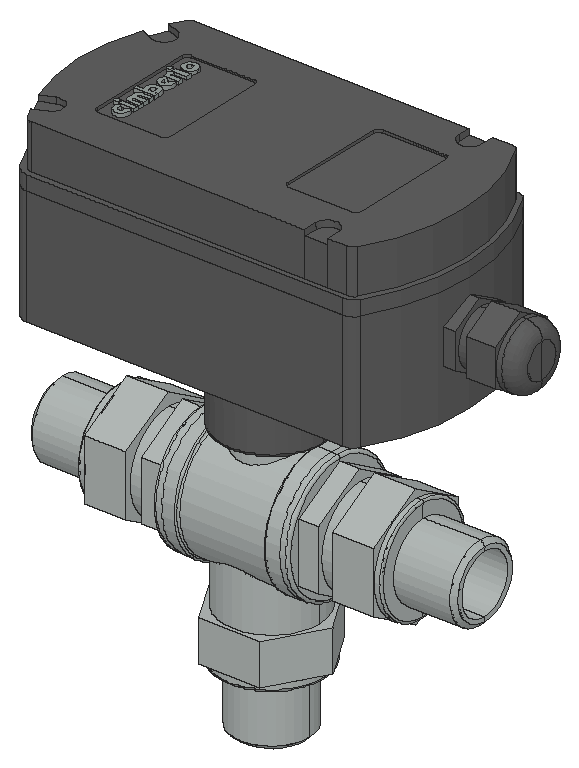
Revit family "QD32640000", category Apparecchi idraulici, Revit 2020
Family settings
  Quota connettore circolare = Usa diametro
  Tipo di parte = Normale
  Numero OmniClass = 23.45.00.00
  Titolo OmniClass = Sanitary, Laundry, and Cleaning Equipment
  Basato su piano di lavoro = No
  Sempre verticale = Sì
  Taglio con vuoti quando caricato = No
  Condiviso = No
  Punto di calcolo locali = No
Parameters
  URL = "https://web.cimberio.it/index.php/figura/620?subcategoria_id=74926"
  Temperatura di esercizio = "-20 ÷ 150°C"
  Prospetto di default = 0 mm
  Produttore = "CIMBERIO SPA"
  Pressione nominale = "PN 40"
  Modello = "Cim 708RE"
  Materiale = "Prodotto in lega di ottone conforme alla norma EN 12165-CW617N-DW"
  Descrizione = "Utilizzato nei più svariati settori dell'impiantistica: impianti di riscaldamento, condizionamento, idrici, igienico-sanitari, aria compressa e in generale con ogni fluido non corrosivo.\r\nParticolarmente indicato come valvola di zona per la regolazione e contabilizzazione di impianti di riscaldamento singoli o a zone, impianti con utilizzazione di energie alternative, impianti con fluidi caldi o freddi e impianti di automazione in genere."
  DN Model [instance] = QD32641020 : QD32641020
  DN [instance] = 20 mm
  Commenti sul tipo = "Realizzato in ottemperanza ai requisiti gestionali della norma EN ISO 9001.\r\nCollaudato al 100% secondo la normativa EN 12266-1."
Reference planes
  plane 1 "Centro (Fronte/Retro)": y = 0
  plane 2: z = 0
  plane 3 "Centro (Sinistra/Destra)": x = 0
Dimensions and locks
  aligned and locked: level to plane 2
Nested families
  nested 1: "QD32641020" at (0, 0, 0), type <- "DN Model", type "QD32641020"
  nested 2: "QD32641020" at (0, 0, 0), type <- "DN Model", type "QD32641020"
  nested 3: "QD32641020" at (0, 0, 0), type <- "DN Model", type "QD32641020"
  nested 4: "QD32641020" at (0, 0, 0), type <- "DN Model", type "QD32641020"
  nested 5: "QD32641020" at (0, 0, 0), type <- "DN Model", type "QD32641020"
  nested 6: "QD32641020" at (0, 0, 0), type <- "DN Model", type "QD32641020"
Connectors
  piping at (-72.6, 0, 0), diameter 20, driven by "DN"
    settings: on nested 1, index 1, connector inside diameter 609.6 mm, connector length 0 mm, flow factor 0, pipe flow 0.0 L/s, pressure drop 0.0 Pa, fitting loss kfactor 0, connector angle 0.00°, fixture units 0, engagement length 0 mm, angle of deflection 0.00°, flow configuration 0, flow direction 0, fitting loss method 0, system type 7, joint type 0, gender type 0, connector reference index -1, connector utility 0, adjustable connector no, is connector primary yes, connector description ""
  piping at (72.6, 0, 0), diameter 20, driven by "DN"
    settings: on nested 1, index 2, connector inside diameter 609.6 mm, connector length 0 mm, flow factor 0, pipe flow 0.0 L/s, pressure drop 0.0 Pa, fitting loss kfactor 0, connector angle 0.00°, fixture units 0, engagement length 0 mm, angle of deflection 0.00°, flow configuration 0, flow direction 0, fitting loss method 0, system type 7, joint type 0, gender type 0, connector reference index -1, connector utility 0, adjustable connector no, is connector primary no, connector description ""
  piping at (0, 0, -69.2), diameter 20, driven by "DN"
    settings: on nested 1, index 3, connector inside diameter 609.6 mm, connector length 0 mm, flow factor 0, pipe flow 0.0 L/s, pressure drop 0.0 Pa, fitting loss kfactor 0, connector angle 0.00°, fixture units 0, engagement length 0 mm, angle of deflection 0.00°, flow configuration 0, flow direction 0, fitting loss method 0, system type 7, joint type 0, gender type 0, connector reference index -1, connector utility 0, adjustable connector no, is connector primary no, connector description ""
Definition of nested family "QD32641020"
  Parameters (values of type "QD32641020")
    URL = "https://web.cimberio.it/index.php/figura/394?subcategoria_id="
    Temperatura di esercizio = "-10 ÷ 95°C"
    Default Elevation = 0 mm
    Manufacturer = "CIMBERIO SPA"
    Pressione nominale = "PN 16"
    Model = "Cim 32"
    Materiale = "Prodotto in lega di ottone conforme alla norma EN 12165-CW617N-DW"
    Description = "Impiegato nei più svariati settori dell'impiantistica in condutture anti-ritorno per: reti di distribuzione acqua potabile, impianti di riscaldamento, condizionamento, igienico-sanitari e in generale con ogni fluido non corrosivo."
    DN [instance] = 50 mm
    Type Comments = "Realizzato in ottemperanza ai requisiti gestionali della norma EN ISO 9001.\r\nCollaudato al 100% secondo la normativa EN 12266-1"
  Reference planes
    plane 1 "Centro (Fronte/Retro)": y = 0
    plane 2: z = 0
    plane 3 "Centro (Sinistra/Destra)": x = 0
  Forms (mm)
    Revolve 1, solid
      sketch origin (0, 0, 0) x (1, 0, 0) y (0, 0, 1)
        loop
          line (11.504, 21.487) -> (11.504, 37.805) -> (0, 37.805) -> (0, 8.315) -> (12.31, 8.315) -> (12.31, 20.681)
          arc (12.31, 20.681) -> (11.74, 20.917) -> (11.504, 21.487) r 0.806
        axis (0, 37.805) -> (0, 8.315)
      angle from 0 to 360
    Extrusion 2, solid
      sketch origin (0, 0, 6.5) x (1, 0, 0) y (0, 0, 1)
        loop
          line (-16, 34.091) -> (-16, 17.197) -> (-11, 17.197) -> (-11, 34.091) -> (-16, 34.091)
      from -0.812 to 0.713
    Revolve 3, solid
      sketch origin (0, 0, 0) x (1, 0, 0) y (0, 0, 1)
        loop
          line (0, 51.8) -> (0, 36.671) -> (3.652, 36.671) -> (3.652, 23.3) -> (16.983, 23.3)
          arc (16.983, 23.3) -> (17.427, 23.419) -> (17.69, 23.796) r 0.672
          line (17.69, 23.796) -> (17.955, 46.8) -> (19, 46.8)
          arc (19, 46.8) -> (19.707, 47.093) -> (20, 47.8) r 1
          line (20, 47.8) -> (20, 51.8) -> (0, 51.8)
        axis (0, 51.8) -> (0, 23.3)
      angle from 0 to 360
    Extrusion 4, solid
      sketch origin (0, 0, 0) x (1, 0, 0) y (0, 1, 0)
        loop
          arc (-53.687, 37) -> (-56.156, 36.347) -> (-57.982, 34.56) r 5
          arc (-57.982, 34.56) -> (-67.5, 0) -> (-57.982, -34.56) r 67.5
          arc (-57.982, -34.56) -> (-56.156, -36.347) -> (-53.687, -37) r 5
          line (-53.687, -37) -> (53.687, -37)
          arc (53.687, -37) -> (56.156, -36.347) -> (57.982, -34.56) r 5
          arc (57.982, -34.56) -> (67.5, 0) -> (57.982, 34.56) r 67.5
          arc (57.982, 34.56) -> (56.156, 36.347) -> (53.687, 37) r 5
          line (53.687, 37) -> (-53.687, 37)
      from 51.8 to 91.8
    Extrusion 5, solid
      sketch origin (0, 0, 40) x (1, 0, 0) y (0, 1, 0)
        loop
          arc (-53.687, 37) -> (-56.156, 36.347) -> (-57.982, 34.56) r 5
          arc (-57.982, 34.56) -> (-67.5, 0) -> (-57.982, -34.56) r 67.5
          arc (-57.982, -34.56) -> (-56.156, -36.347) -> (-53.687, -37) r 5
          line (-53.687, -37) -> (53.687, -37)
          arc (53.687, -37) -> (56.156, -36.347) -> (57.982, -34.56) r 5
          arc (57.982, -34.56) -> (67.5, 0) -> (57.982, 34.56) r 67.5
          arc (57.982, 34.56) -> (56.156, 36.347) -> (53.687, 37) r 5
          line (53.687, 37) -> (-53.687, 37)
      from 51.8 to 56.8
    Extrusion 6, solid
      sketch origin (0, 0, 0) x (1, 0, 0) y (0, 1, 0)
        loop
          arc (-53.687, 35) -> (-55.168, 34.608) -> (-56.264, 33.536) r 3
          arc (-56.264, 33.536) -> (-57.395, 31.561) -> (-58.457, 29.547) r 65.5
          arc (-58.457, 29.547) -> (-60.152, 25.922) -> (-61.623, 22.2) r 65.5
          arc (-61.623, 22.2) -> (-65.5, 0) -> (-61.623, -22.2) r 65.5
          arc (-61.623, -22.2) -> (-60.152, -25.922) -> (-58.457, -29.547) r 65.5
          arc (-58.457, -29.547) -> (-57.395, -31.561) -> (-56.264, -33.536) r 65.5
          arc (-56.264, -33.536) -> (-55.168, -34.608) -> (-53.687, -35) r 3
          line (-53.687, -35) -> (39.293, -35) -> (47.293, -35) -> (53.687, -35)
          arc (53.687, -35) -> (55.168, -34.608) -> (56.264, -33.536) r 3
          arc (56.264, -33.536) -> (65.5, 0) -> (56.264, 33.536) r 65.5
          arc (56.264, 33.536) -> (55.168, 34.608) -> (53.687, 35) r 3
          line (53.687, 35) -> (47.293, 35) -> (39.293, 35) -> (-53.687, 35)
      from 96.8 to 111.8
    Extrusion 7, solid
      sketch origin (0, 0, 74.844) x (0, 1, 0) y (0, 0, 1)
        loop
          line (0, 11.95) -> (-10.349, 5.975) -> (-10.349, -5.975) -> (0, -11.95) -> (10.349, -5.975) -> (10.349, 5.975) -> (0, 11.95)
      from 53.687 to 71
    Revolve 8, solid
      sketch origin (0, 0, 0) x (1, 0, 0) y (0, 0, 1)
        loop
          line (71, 84.3) -> (71, 79.687) -> (75, 79.687) -> (75, 84.3) -> (71, 84.3)
        axis (71, 74.844) -> (75, 74.844)
      angle from 0 to 360
    Extrusion 9, solid
      sketch origin (0, 0, 0) x (0, 1, 0) y (0, 0, 1)
        loop
          line (0, 87.344) -> (-10.825, 81.094) -> (-10.825, 68.594) -> (0, 62.344) -> (10.825, 68.594) -> (10.825, 81.094) -> (0, 87.344)
      from 75 to 85
    Revolve 10, solid
      sketch origin (0, 0, 0) x (1, 0, 0) y (0, 0, 1)
        loop
          line (92, 74.844) -> (92, 80.8)
          arc (92, 80.8) -> (90.535, 84.336) -> (86.998, 85.8) r 5
          line (86.998, 85.8) -> (85, 85.8) -> (85, 74.844) -> (92, 74.844)
        axis (85, 74.844) -> (92, 74.844)
      angle from 0 to 360
    Extrusion 11, void
      sketch origin (0, 0, 0) x (1, 0, 0) y (0, 1, 0)
        loop
          arc (-57.295, 20.329) -> (-52.036, 22.412) -> (-54.12, 27.671) r 4
          line (-54.12, 27.671) -> (-59.289, 29.907) -> (-62.465, 22.564) -> (-57.295, 20.329)
        loop
          arc (-54.12, -27.671) -> (-52.036, -22.412) -> (-57.295, -20.329) r 4
          line (-57.295, -20.329) -> (-62.083, -22.399) -> (-58.908, -29.742) -> (-54.12, -27.671)
        loop
          arc (39.293, 30.5) -> (43.293, 26.5) -> (47.293, 30.5) r 4
          line (47.293, 30.5) -> (47.293, 35.946) -> (39.293, 35.946) -> (39.293, 30.5)
        loop
          line (39.293, -30.43) -> (39.293, -35) -> (47.293, -35) -> (47.293, -30.5)
          arc (47.293, -30.5) -> (43.293, -26.5) -> (39.293, -30.5) r 4
      from 109.8 to 117.274
    Extrusion 12, void
      sketch origin (0, 0, 0) x (1, 0, 0) y (0, 1, 0)
        loop
          line (-21.999, 20) -> (-43.001, 20)
          arc (-43.001, 20) -> (-44.415, 19.414) -> (-45, 18) r 2
          line (-45, 18) -> (-45, -18)
          arc (-45, -18) -> (-44.414, -19.415) -> (-42.999, -20) r 2
          line (-42.999, -20) -> (-21.999, -20)
          arc (-21.999, -20) -> (-20.585, -19.414) -> (-20, -18) r 2
          line (-20, -18) -> (-20, 18)
          arc (-20, 18) -> (-20.585, 19.414) -> (-21.999, 20) r 2
        loop
          arc (22.001, 20) -> (20.586, 19.415) -> (20, 18) r 2
          line (20, 18) -> (20, -18)
          arc (20, -18) -> (20.586, -19.415) -> (22.001, -20) r 2
          line (22.001, -20) -> (43.001, -20)
          arc (43.001, -20) -> (44.415, -19.414) -> (45, -18) r 2
          line (45, -18) -> (45, 18)
          arc (45, 18) -> (44.415, 19.414) -> (43.001, 20) r 2
          line (43.001, 20) -> (22.001, 20)
      from 111.039 to 121
    Extrusion 13, solid
      sketch origin (0, 0, 111.039) x (1, 0, 0) y (0, 1, 0)
        loop
          arc (-41.222, -13.089) -> (-39.283, -17.248) -> (-37.344, -13.089) r 2.531
          line (-37.344, -13.089) -> (-38.507, -14.066)
          arc (-38.507, -14.066) -> (-39.283, -15.729) -> (-40.058, -14.066) r 1.013
          line (-40.058, -14.066) -> (-41.222, -13.089)
        loop
          line (-36.751, -12.583) -> (-36.751, -11.064) -> (-41.814, -11.064) -> (-41.814, -12.583) -> (-36.751, -12.583)
        loop
          circle (-43.08, -11.824) r 0.861
        loop
          line (-36.751, -9.039) -> (-39.89, -9.039)
          arc (-39.89, -9.039) -> (-40.295, -8.634) -> (-39.89, -8.229) r 0.405
          line (-39.89, -8.229) -> (-36.751, -8.229) -> (-36.751, -6.711) -> (-39.89, -6.711)
          arc (-39.89, -6.711) -> (-40.295, -6.306) -> (-39.89, -5.901) r 0.405
          line (-39.89, -5.901) -> (-36.751, -5.901) -> (-36.751, -4.382) -> (-39.89, -4.382)
          arc (-39.89, -4.382) -> (-41.614, -5.451) -> (-41.422, -7.47) r 1.924
          arc (-41.422, -7.47) -> (-41.614, -9.489) -> (-39.89, -10.558) r 1.924
          line (-39.89, -10.558) -> (-36.751, -10.558) -> (-36.751, -9.039)
        loop
          line (-43.839, -3.876) -> (-36.751, -3.876) -> (-36.751, -2.357) -> (-37.544, -2.357) -> (-36.841, -2.013)
          arc (-36.841, -2.013) -> (-39.465, 1.18) -> (-41.603, -2.357) r 2.531
          line (-41.603, -2.357) -> (-43.839, -2.357) -> (-43.839, -3.876)
        loop
          circle (-39.283, -1.344) r 1.012
        loop
          arc (-41.013, 6.072) -> (-39.435, 1.698) -> (-37.344, 5.851) r 2.531
          line (-37.344, 5.851) -> (-38.507, 4.875)
          arc (-38.507, 4.875) -> (-38.282, 4.378) -> (-38.348, 3.836) r 1.013
          line (-38.348, 3.836) -> (-41.013, 6.072)
        loop
          line (-38.738, 3.371) -> (-40.218, 4.612)
          arc (-40.218, 4.612) -> (-39.934, 3.449) -> (-38.738, 3.371) r 1.013
        loop
          line (-36.751, 6.358) -> (-36.751, 7.876) -> (-40.426, 7.876)
          arc (-40.426, 7.876) -> (-41.131, 9.395) -> (-41.814, 7.867) r 0.92
          line (-41.814, 7.867) -> (-41.814, 6.358) -> (-36.751, 6.358)
        loop
          line (-36.751, 9.901) -> (-36.751, 11.42) -> (-41.814, 11.42) -> (-41.814, 9.901) -> (-36.751, 9.901)
        loop
          circle (-43.08, 10.661) r 0.861
        loop
          circle (-39.283, 14.458) r 2.531
        loop
          circle (-39.283, 14.458) r 1.012
      from 0 to 1
    Revolve 14, solid
      sketch origin (0, 0, 0) x (1, 0, 0) y (0, 0, 1)
        loop
          line (-23.1, -10) -> (-23.1, -20.75)
          arc (-23.1, -20.75) -> (-22.807, -21.458) -> (-22.099, -21.75) r 1
          line (-22.099, -21.75) -> (-20.1, -21.75) -> (-15.5, -22)
          arc (-15.5, -22) -> (-15.146, -21.854) -> (-15, -21.5) r 0.5
          arc (-15, -21.5) -> (-14.854, -21.146) -> (-14.5, -21) r 0.5
          line (-14.5, -21) -> (14.5, -21)
          arc (14.5, -21) -> (14.854, -21.146) -> (15, -21.5) r 0.5
          arc (15, -21.5) -> (15.146, -21.854) -> (15.5, -22) r 0.5
          line (15.5, -22) -> (20.1, -21.75) -> (22.101, -21.75)
          arc (22.101, -21.75) -> (22.808, -21.457) -> (23.1, -20.75) r 1
          line (23.1, -20.75) -> (23.1, -10) -> (-23.1, -10)
        axis (-23.1, 0) -> (23.1, 0)
      angle from 0 to 360
    Extrusion 15, solid
      sketch origin (0, 0, 0) x (0, 1, 0) y (0, 0, -1)
        loop
          circle (0, 0) r 10
        loop
          line (0, -20.25) -> (17.537, -10.125) -> (17.537, 10.125) -> (0, 20.25) -> (-17.537, 10.125) -> (-17.537, -10.125) -> (0, -20.25)
      from -30.1 to -23.1
    Revolve 16, solid
      sketch origin (0, 0, 0) x (1, 0, 0) y (0, 0, 1)
        loop
          line (30.1, 16.575) -> (30.1, 10) -> (35.1, 10) -> (35.1, 16.575) -> (30.1, 16.575)
        axis (30.1, 0) -> (35.1, 0)
      angle from 0 to 360
    Extrusion 17, solid
      sketch origin (19, 0, 0) x (0, 1, 0) y (0, 0, -1)
        loop
          circle (0, 0) r 10
        loop
          line (0, -20.75) -> (17.97, -10.375) -> (17.97, 10.375) -> (0, 20.75) -> (-17.97, 10.375) -> (-17.97, -10.375) -> (0, -20.75)
      from -30.1 to -16.093
    Revolve 18, solid
      sketch origin (0, 0, 0) x (1, 0, 0) y (0, 0, 1)
        loop
          line (49.1, 10) -> (51.6, 10) -> (51.6, 17.285)
          arc (51.6, 17.285) -> (51.485, 17.737) -> (51.099, 18) r 0.66
          line (51.099, 18) -> (49.1, 18) -> (49.1, 10)
        axis (49.1, 0) -> (51.6, 0)
      angle from 0 to 360
    Revolve 19, solid
      sketch origin (0, 0, 0) x (1, 0, 0) y (0, 0, 1)
        loop
          line (51.6, 10) -> (72.6, 10) -> (72.6, 11.4) -> (71.1, 12.9) -> (51.6, 12.9) -> (51.6, 10)
        axis (51.6, 0) -> (72.6, 0)
      angle from 0 to 360
    Extrusion 20, solid
      sketch origin (0, 0, 0) x (0, 1, 0) y (0, 0, 1)
        loop
          circle (0, 0) r 10
        loop
          line (0, 20.25) -> (-17.537, 10.125) -> (-17.537, -10.125) -> (0, -20.25) -> (17.537, -10.125) -> (17.537, 10.125) -> (0, 20.25)
      from -30.1 to -23.1
    Revolve 21, solid
      sketch origin (0, 0, 0) x (-1, 0, 0) y (0, 0, 1)
        loop
          line (30.1, 16.575) -> (30.1, 10) -> (35.1, 10) -> (35.1, 16.575) -> (30.1, 16.575)
        axis (30.1, 0) -> (35.1, 0)
      angle from 0 to 360
    Extrusion 22, solid
      sketch origin (-19, 0, 0) x (0, 1, 0) y (0, 0, 1)
        loop
          circle (0, 0) r 10
        loop
          line (0, 20.75) -> (-17.97, 10.375) -> (-17.97, -10.375) -> (0, -20.75) -> (17.97, -10.375) -> (17.97, 10.375) -> (0, 20.75)
      from -30.1 to -16.093
    Revolve 23, solid
      sketch origin (0, 0, 0) x (-1, 0, 0) y (0, 0, 1)
        loop
          line (49.1, 10) -> (51.6, 10) -> (51.6, 17.285)
          arc (51.6, 17.285) -> (51.485, 17.737) -> (51.099, 18) r 0.66
          line (51.099, 18) -> (49.1, 18) -> (49.1, 10)
        axis (49.1, 0) -> (51.6, 0)
      angle from 0 to 360
    Revolve 24, solid
      sketch origin (0, 0, 0) x (-1, 0, 0) y (0, 0, 1)
        loop
          line (51.6, 10) -> (72.6, 10) -> (72.6, 11.4) -> (71.1, 12.9) -> (51.6, 12.9) -> (51.6, 10)
        axis (51.6, 0) -> (72.6, 0)
      angle from 0 to 360
    Revolve 25, solid
      sketch origin (0, 0, 3.4) x (0, 0, -1) y (1, 0, 0)
        loop
          line (13.382, -16.575) -> (35.1, -16.575) -> (35.1, -10) -> (13.382, -10) -> (13.382, -16.575)
        axis (13.382, 0) -> (35.1, 0)
      angle from 0 to 360
    Extrusion 26, solid
      sketch origin (0, 0, -15.6) x (0, 1, 0) y (-1, 0, 0)
        loop
          circle (0, 0) r 10
        loop
          line (0, 20.75) -> (-17.97, 10.375) -> (-17.97, -10.375) -> (0, -20.75) -> (17.97, -10.375) -> (17.97, 10.375) -> (0, 20.75)
      from -30.1 to -16.093
    Revolve 27, solid
      sketch origin (0, 0, 3.4) x (0, 0, -1) y (1, 0, 0)
        loop
          line (49.1, -10) -> (49.1, -18) -> (51.099, -18)
          arc (51.099, -18) -> (51.485, -17.737) -> (51.6, -17.285) r 0.66
          line (51.6, -17.285) -> (51.6, -10) -> (49.1, -10)
        axis (49.1, 0) -> (51.6, 0)
      angle from 0 to 360
    Revolve 28, solid
      sketch origin (0, 0, 3.4) x (0, 0, -1) y (1, 0, 0)
        loop
          line (51.6, -10) -> (51.6, -12.9) -> (71.1, -12.9) -> (72.6, -11.4) -> (72.6, -10) -> (51.6, -10)
        axis (51.6, 0) -> (72.6, 0)
      angle from 0 to 360
  Cuts and joins
    Extrusion 11 cuts Extrusion 4
    Extrusion 11 cuts Extrusion 5
    Extrusion 11, Extrusion 12 cuts Extrusion 6
  Dimensions and locks
    aligned and locked: level to plane 2
